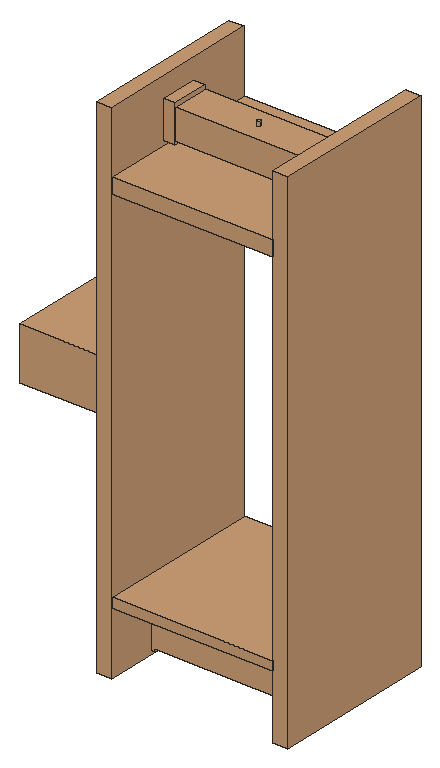
Revit family
Parameters
  Center of Unit = 0' - 0"  # constant formula
  Total Heating Capacity [instance] = 0.0 Btu/h
  Series = "VIFB"
  Outlet Area = 7.15 SF
  Lower Frame Thickness = if(Headers Height = 0' 3", 0' 1 1/4", if(Headers Height = 0' 3 1/4", 0' 1 1/4", 0' 0"))  # 0' - 1 1/4"
  Water Pressure Drop [instance] = 0.00 psi
  Water Flow [instance] = 0 GPM
  Unit Weight (lbs) = 343
  URL = "http://www.ljwing.com/"
  Water Outlet Radius = 0' - 1 1/2"
  Headers Height = if(M = 0' 1", 0' 3", if(M = 0' 1 1/2", 0' 3 1/4", 0' 0"))  # 0' - 3"
  Number of Rows = 2  # constant formula
  Number of Coils [instance] = 0
  Nominal Length = 2' - 1 7/16"
  N = 0' - 7 3/8"
  Model = "VC-2W"
  Manufacturer = "LJ Wing"
  M = 0' - 1"
  Leaving Water Temperature [instance] = 0 °F
  Leaving Air Temperature [instance] = 0 °F
  Entering Water Temperature [instance] = 0 °F
  Entering Air Temperature [instance] = 0 °F
  Description = "Vertical Integral Face & Bypass Water Heating Coils"
  Hot Water Inlet  Radius = 0' - 1 1/2"
  Coil Face Area = Outlet Area * 0.56  # 4.004 SF
  Casing Material = ""
  Assembly Code = "D3020300"
  Air Vent Radius = 0' - 0 1/4"
  Air Pressure Drop [instance] = 0.00 in-wg
  Air Inlet Width = Nominal Length - 0' 4"  # 1' - 9 7/16"
  Air Inlet Height = Y  # 4' - 0"
  Air Flow [instance] = 0 CFM
  Y = 4' - 0"
  S = 0' - 9 3/4"  # constant formula
  Product URL = "http://www.ljwing.com/html/vifb.asp"
  OmniClass = "23-75 70 21 14"
  Nominal Height = 5' - 8"
  Nominal Depth = 1' - 10"
  R = 0' - 10 1/4"  # constant formula
  Q = 0' - 3 23/32"
Reference planes (in)
  plane 1 "Center (Front/Back)": y = 0
  plane 2: z = -24
  plane 3 "Center (Left/Right)": x = 0
  plane 4: z = 34.25
  plane 5: x = -12.71875
  plane 6: x = 12.71875
  plane 7: z = -33.75
  plane 8: z = 0
  plane 9: y = -11
  plane 10: y = 11
  plane 11: z = 24
  plane 12: z = 26
  plane 13: z = -25.25
  plane 14: x = 10.71875
  plane 15: x = -10.71875
  plane 16: x = -9
  plane 17: x = 9
  plane 18: y = 14.0625
  plane 19: x = -23.71875
  plane 20: z = 31.125
  plane 21: z = 27.125
  plane 22: y = -2.5
  plane 23: y = 2.5
  plane 24: y = -4.5
  plane 25: z = -31.375
  plane 26: x = -5.34375
  plane 27: x = 5.34375
  plane 28: z = -27.375
Forms (in)
  Extrusion 1, solid, material "Painted Finish"
    sketch origin (0, 6, -9.75) x (1, 0, 0) y (0, 0, 1)
      loop
        line (-12.71875, -24) -> (-10.71875, -24) -> (-10.71875, 44) -> (-12.71875, 44) -> (-12.71875, -24)
      loop
        line (12.71875, -24) -> (12.71875, 44) -> (10.71875, 44) -> (10.71875, -24) -> (12.71875, -24)
    from -5 to 17
  Extrusion 2, solid, material "Painted Finish"
    sketch origin (0, 6, 0) x (1, 0, 0) y (0, 0, 1)
      loop
        line (10.71875, -24) -> (-10.71875, -24) -> (-10.71875, -25.25) -> (10.71875, -25.25) -> (10.71875, -24)
      loop
        line (10.71875, 24) -> (10.71875, 26) -> (-10.71875, 26) -> (-10.71875, 24) -> (10.71875, 24)
    from -5 to 17
  Extrusion 3, solid, material "Painted Finish"
    sketch origin (0, 10, -0.5) x (1, 0, 0) y (0, 0, 1)
      loop
        line (-12.71875, 4) -> (-23.71875, 4) -> (-23.71875, -3) -> (-12.71875, -3) -> (-12.71875, 4)
    from 0 to 20
  Extrusion 4, solid, material "Painted Finish"
    sketch origin (0, 6, 0) x (1, 0, 0) y (0, 0, 1)
      loop
        line (-9.09375, 31.125) -> (-9.09375, 27.125) -> (9.09375, 27.125) -> (9.09375, 31.125) -> (-9.09375, 31.125)
    from 3.5 to 8.5
  Extrusion 5, solid, material "Painted Finish"
    sketch origin (0, 0, 0) x (1, 0, 0) y (0, 0, 1)
      loop
        line (-9.09375, 26.625) -> (-9.09375, 31.625) -> (-10.71875, 31.625) -> (-10.71875, 26.625) -> (-9.09375, 26.625)
      loop
        line (10.71875, 26.625) -> (10.71875, 31.625) -> (9.09375, 31.625) -> (9.09375, 26.625) -> (10.71875, 26.625)
    from -2.5 to 2.5
  Extrusion 6, solid, material "Painted Finish"
    sketch origin (0, 6, 0) x (1, 0, 0) y (0, 0, 1)
      loop
        line (-10.21875, -25.875) -> (-10.21875, -25.625) -> (-10.71875, -25.625) -> (-10.71875, -29.125) -> (-10.21875, -29.125) -> (-10.21875, -28.875) -> (10.21875, -28.875) -> (10.21875, -29.125) -> (10.71875, -29.125) -> (10.71875, -25.625) -> (10.21875, -25.625) -> (10.21875, -25.875) -> (-10.21875, -25.875)
      loop
        line (10.21875, -32.875) -> (10.21875, -33.125) -> (10.71875, -33.125) -> (10.71875, -29.625) -> (10.21875, -29.625) -> (10.21875, -29.875) -> (-10.21875, -29.875) -> (-10.21875, -29.625) -> (-10.71875, -29.625) -> (-10.71875, -33.125) -> (-10.21875, -33.125) -> (-10.21875, -32.875) -> (10.21875, -32.875)
    from -5 to 10.5
  Extrusion 7, void
    sketch origin (0, 0, 0) x (1, 0, 0) y (0, 0, 1)
      loop
        line (-10.71875, 24) -> (-10.71875, -24) -> (10.71875, -24) -> (10.71875, 24) -> (-10.71875, 24)
    from -11 to 11
  Extrusion 8, solid, material "Painted Finish"
    sketch origin (0, 0, 0) x (1, 0, 0) y (0, 0, 1)
      loop
        circle (5.34375, -31.375) r 1
      loop
        circle (-5.34375, -27.375) r 1
    from -14.0625 to -11
  Extrusion 9, solid, material "Painted Finish"
    sketch origin (0, 0, 0) x (1, 0, 0) y (0, 1, 0)
      loop
        circle (0, 0) r 0.25
    from 31.125 to 31.625
Cuts and joins
  Extrusion 7 cuts Extrusion 1
  Extrusion 7 cuts Extrusion 2
Dimensions and locks (in)
  "Nominal Length": plane 6 to plane 5
  equal spacing: plane 6, plane 3 "Center (Left/Right)", plane 5
  "S": plane 2 to plane 7
  "Nominal Depth": plane 10 to plane 9
  equal spacing: plane 10, plane 1 "Center (Front/Back)", plane 9
  "Y": plane 11 to plane 2
  "R": plane 4 to plane 11
  locked: plane 12 to plane 11 at 2
  "Lower Frame Thickness": plane 2 to plane 13
  "Q": plane 16 to plane 5
  "Q": plane 6 to plane 17
  locked: plane 18 to plane 10 at 3.0625
  locked: plane 5 to plane 19 at 11
  locked: Extrusion 3 sketch curve to Extrusion 3 sketch curve at 7
  locked: Extrusion 3 to Extrusion 3 at 20
  locked: plane 6 to plane 14 at 2
  locked: plane 15 to plane 5 at 2
  locked: Extrusion 5 sketch curve to plane 20 at 0.5
  locked: plane 21 to Extrusion 5 sketch curve at 0.5
  locked: plane 20 to plane 21 at 4
  locked: plane 23 to plane 22 at 5
  equal spacing: plane 23, plane 1 "Center (Front/Back)", plane 22
  locked: plane 22 to plane 24 at 2
  plane 4 to plane 7 = 5' - 8"
  locked: Extrusion 5 sketch curve to Extrusion 1 at 1.625
  locked: Extrusion 5 sketch curve to Extrusion 5 sketch curve at 1.625
  locked: Extrusion 7 sketch curve to plane 11 at 0
  locked: Extrusion 7 sketch curve to plane 15 at 0
  locked: Extrusion 7 sketch curve to plane 14 at 0
  locked: plane 15 to Extrusion 6 sketch curve at 0.5
  locked: Extrusion 6 sketch curve to Extrusion 6 sketch curve at 0.25  (x2)
  locked: plane 25 to plane 7 at 2.375
  "N": plane 26 to plane 5
  "N": plane 6 to plane 27
  locked: plane 28 to plane 7 at 6.375
  "Headers Height": Extrusion 6 sketch curve to Extrusion 6 sketch curve  (x2)
  locked: Extrusion 8 sketch curve to plane 25 at 0
  locked: Extrusion 8 sketch curve to plane 28 at 0
  locked: Extrusion 9 sketch curve to plane 1 "Center (Front/Back)" at 0
  locked: Extrusion 9 sketch curve to plane 3 "Center (Left/Right)" at 0
  equal spacing: Extrusion 6 sketch curve, plane 28, Extrusion 6 sketch curve
  equal spacing: Extrusion 6 sketch curve, plane 25, Extrusion 6 sketch curve
  locked: plane 4 to plane 20 at 3.125
  locked: Extrusion 7 sketch curve to plane 2 at 0
  equal spacing: plane 11, plane 8, plane 2
  locked: Extrusion 8 sketch curve to plane 27 at 0
  locked: Extrusion 8 sketch curve to plane 26 at 0
  "M": radius of Extrusion 8 sketch curve  (x2)
  "Air Vent Radius": radius of Extrusion 9 sketch curve
  aligned and locked: Extrusion 1 to plane 9
  aligned and locked: Extrusion 1 to plane 10
  aligned and locked: Extrusion 1 to plane 15
  aligned and locked: Extrusion 1 to plane 14
  aligned and locked: Extrusion 2 to plane 9
  aligned and locked: plane 9 to Extrusion 1
  aligned and locked: plane 10 to Extrusion 1  (x2)
  aligned and locked: Extrusion 2 to plane 10
  aligned and locked: plane 10 to Extrusion 2  (x2)
  aligned and locked: plane 9 to Extrusion 2  (x2)
  aligned and locked: plane 5 to Extrusion 3
  aligned and locked: Extrusion 5 sketch curve to plane 15
  aligned and locked: Extrusion 5 sketch curve to Extrusion 4
  aligned and locked: Extrusion 1 to Extrusion 6
  aligned and locked: plane 22 to Extrusion 5
  aligned and locked: Extrusion 5 to Extrusion 4  (x2)
  aligned and locked: Extrusion 5 to plane 23
  aligned and locked: Extrusion 6 to plane 24
  aligned and locked: Extrusion 4 to Extrusion 5  (x2)
  aligned and locked: Extrusion 5 to Extrusion 1  (x2)
  aligned and locked: Extrusion 1 to Extrusion 7  (x2)
  aligned and locked: plane 18 to Extrusion 8
  aligned and locked: Extrusion 8 to plane 10
  aligned and locked: plane 20 to Extrusion 9
  aligned and locked: Extrusion 9 to Extrusion 5
  aligned and locked: plane 2 to cut or joined group of Extrusion 2, Extrusion 7
  aligned and locked: Extrusion 1 sketch curve to plane 6
  aligned and locked: Extrusion 1 sketch curve to plane 14
  aligned and locked: Extrusion 1 sketch curve to plane 15
  aligned and locked: Extrusion 1 sketch curve to plane 5
  aligned and locked: Extrusion 1 sketch curve to plane 4  (x2)
  aligned and locked: plane 7 to Extrusion 1 sketch curve  (x2)
  aligned and locked: Extrusion 2 sketch curve to plane 11
  aligned and locked: Extrusion 2 sketch curve to plane 12
  aligned and locked: plane 2 to Extrusion 2 sketch curve
  aligned and locked: Extrusion 2 sketch curve to plane 13
  aligned and locked: Extrusion 2 sketch curve to plane 14  (x2)
  aligned and locked: Extrusion 2 sketch curve to plane 15  (x2)
  aligned and locked: plane 20 to Extrusion 4 sketch curve
  aligned and locked: Extrusion 4 sketch curve to plane 21
  aligned and locked: Extrusion 6 sketch curve to plane 14  (x2)
  aligned and locked: plane 15 to Extrusion 6 sketch curve  (x2)
Automatic sketch dimensions
  Extrusion 3 sketch curve to plane 19 = 0' - 0"
  Extrusion 3 sketch curve to plane 5 = 0' - 0"
  plane 8 to Extrusion 3 sketch curve = 0' - 3 1/2"
  Extrusion 4 sketch curve to plane 16 = 0' - 0 3/32"
  plane 17 to Extrusion 4 sketch curve = 0' - 0 3/32"
  plane 21 to Extrusion 5 sketch curve = 0' - 0 1/2"
  Extrusion 5 sketch curve to plane 20 = 0' - 0 1/2"
  plane 15 to Extrusion 6 sketch curve = 0' - 0 1/2"  (x2)
  Extrusion 6 sketch curve to Extrusion 6 sketch curve = 0' - 0 1/4"  (x5)
  Extrusion 6 sketch curve to Extrusion 6 sketch curve = 0' - 0"  (x2)
  Extrusion 6 sketch curve to plane 14 = 0' - 0 1/2"  (x2)
  Extrusion 6 sketch curve to Extrusion 6 sketch curve = 0' - 0 1/2"
  Extrusion 6 sketch curve to plane 7 = 0' - 0 5/8"
Connectors (in)
  hvac at (0, -11, 0), driven by "Air Inlet Height", driven by "Air Inlet Width", driven by "Air Flow", driven by "Air Pressure Drop"
    settings: on Extrusion 7, index 1
  hvac at (0, 11, 0), driven by "Air Pressure Drop", driven by "Air Inlet Height", driven by "Air Inlet Width", driven by "Air Flow"
    settings: on Extrusion 7, index 2
  piping at (-5.34375, 14.0625, -27.375), driven by "M", driven by "Water Flow", driven by "Water Pressure Drop"
    settings: on Extrusion 8, index 4
  piping at (5.34375, 14.0625, -31.375), driven by "Water Pressure Drop", driven by "Water Flow", driven by "M"
    settings: on Extrusion 8, index 5
